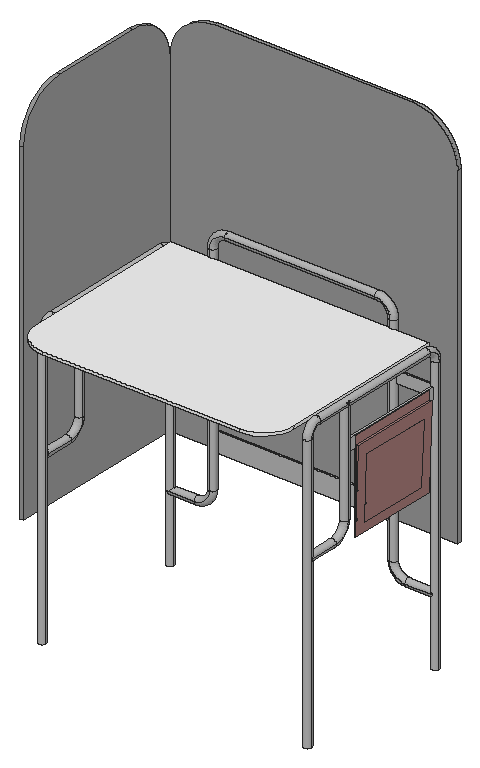
Revit family "Furniture_Table_REUNION 1286", category Furniture, Revit 2019
Family settings
  OmniClass Number = 23.21.23.15.17
  Work Plane-Based = Yes
  Always vertical = No
  Cut with Voids When Loaded = No
  Shared = No
  Room Calculation Point = No
Parameters (values of type "REUNION 1286")
  Youtube clip = ""
  Uniformat II Description = "Movable Furnishings"
  Uniformat II Code = ""
  Uniclass 2015 Name = ""
  Uniclass 2015 Code = ""
  Uniclass 2.0 Description = ""
  Uniclass 2.0 Code = ""
  Uniclass 1.4 Description = ""
  Uniclass 1.4 Code = ""
  UNSPSC Code = ""
  Top Material = Plastic - NCS S0502-B Traffic White
  Technical description = ""
  Frame Material = Steel, Paint Finish, Grey
  Region South America = "All"
  Region Oceania = "All"
  Region North America = "All"
  Region Middle East = "All"
  Region Europe = "All"
  Region Asia = "All"
  Region Antarctica = "All"
  Region Africa = "All"
  QR code = "https://www.sandlerseating.com/product/reunion-1286/"
  Product url = "https://www.sandlerseating.com/product/reunion-1286/"
  Product name = "REUNION 1286"
  Product group = "Table"
  Product family = "Furniture"
  Product data url = "https://www.sandlerseating.com/product/reunion-1286/"
  Product certification = ""
  Product SKU = "??"
  Product Guid = "??"
  OmniClass Description = ""
  OmniClass Code = "23-21 23 15 17"
  NBS Reference Description = ""
  NBS Reference Code = ""
  Model = "REUNION 1286"
  Masterformat 2014 Description = "Table Mats"
  Masterformat 2014 Code = "12 48 43.13"
  Manufacturer name = "Sandler"
  Manufacturer country = "USA"
  Manufacturer = "Sandler"
  Installation instructions = ""
  IFC Classification = "Furnishing Element"
  GTIN code = ""
  Edition number = 1
  Divider Material = Leather - Brilliant White
  Design country = "Brasil"
  Description = "Table"
  Default Elevation = 0.000 mm
  Date of publishing = ""
  COBIe Type Category = ""
  Brand url = "https://www.sandlerseating.com/"
  BIMobject main category code = "furniture"
  BIMobject main category = "Furniture"
  BIMobject category code = "furniture-table"
  BIMobject category = "Table"
Reference planes
  plane 1 "Center Front/Back": y = 0
  plane 2: z = 0
  plane 3 "Center Left/Right": x = 0
  plane 4: x = -450
  plane 5: x = 450
  plane 6: y = 340
  plane 7: y = -340
  plane 8: y = 200
  plane 9: y = -98
  plane 10: x = -437.5
  plane 11: z = 1155
  plane 12: y = -327.5
  plane 13: z = 960
  plane 14: z = 1035
  plane 15: x = -500
  plane 16: x = 500
  plane 17: z = 1635
  plane 18: y = -352
  plane 19: z = 1165
Forms (mm)
  Sweep 1, solid, material "Steel, Paint Finish, Grey" <- "Frame Material"
    path origin (0, 0, 0) x (0, -1, 0) y (0, 0, 1)
      loop
        line (200, 0) -> (200, 910)
        arc (200, 910) -> (189.017, 936.517) -> (162.5, 947.5) r 37.5
        line (162.5, 947.5) -> (-290, 947.5)
        arc (-290, 947.5) -> (-316.517, 936.517) -> (-327.5, 910) r 37.5
        line (-327.5, 910) -> (-327.5, 0)
    profile origin (0, -200, 455) x (0, 1, 0) y (-1, 0, 0)
      loop
        circle (0, -437.5) r 12.5
  Sweep 2, solid, material "Steel, Paint Finish, Grey" <- "Frame Material"
    path origin (0, 0, 0) x (0, -1, 0) y (0, 0, -1)
      loop
        line (200, 0) -> (200, -910)
        arc (200, -910) -> (189.017, -936.517) -> (162.5, -947.5) r 37.5
        line (162.5, -947.5) -> (-290, -947.5)
        arc (-290, -947.5) -> (-316.517, -936.517) -> (-327.5, -910) r 37.5
        line (-327.5, -910) -> (-327.5, 0)
    profile origin (0, -200, 455) x (0, -1, 0) y (1, 0, 0)
      loop
        circle (0, -437.5) r 12.5
  Sweep 3, solid, material "Steel, Paint Finish, Grey" <- "Frame Material"
    path origin (437.5, -47.562, -80) x (0, -1, 0) y (0, 0, 1)
      loop
        line (152.438, 634.164) -> (50, 634.164)
        arc (50, 634.164) -> (14.645, 648.809) -> (0, 684.164) r 50
        line (0, 684.164) -> (0, 1034.164)
    profile origin (437.5, -148.781, 554.164) x (0, 0, -1) y (-1, 0, 0)
      loop
        circle (0, 0) r 12.5
  Sweep 4, solid, material "Steel, Paint Finish, Grey" <- "Frame Material"
    path origin (-437.5, -47.562, -80) x (0, -1, 0) y (0, 0, -1)
      loop
        line (140, -634.164) -> (50, -634.164)
        arc (50, -634.164) -> (14.645, -648.809) -> (0, -684.164) r 50
        line (0, -684.164) -> (0, -1034.164)
    profile origin (-437.5, -142.562, 554.164) x (0, 0, 1) y (1, 0, 0)
      loop
        circle (0, 0) r 12.5
  Sweep 5, solid, material "Steel, Paint Finish, Grey" <- "Frame Material"
    path origin (0, 0, 0) x (-1, 0, 0) y (0, 0, 1)
      loop
        line (-437.5, 220) -> (-347.5, 220)
        arc (-347.5, 220) -> (-312.145, 234.645) -> (-297.5, 270) r 50
        line (-297.5, 270) -> (-297.5, 985)
        arc (-297.5, 985) -> (-282.855, 1020.355) -> (-247.5, 1035) r 50
        line (-247.5, 1035) -> (247.5, 1035)
        arc (247.5, 1035) -> (282.855, 1020.355) -> (297.5, 985) r 50
        line (297.5, 985) -> (297.5, 270)
        arc (297.5, 270) -> (312.145, 234.645) -> (347.5, 220) r 50
        line (347.5, 220) -> (437.5, 220)
    profile origin (392.5, 0, 220) x (0, 0, 1) y (0, 1, 0)
      loop
        circle (0, 327.5) r 12.5
  Extrusion 6, solid, material "Steel, Paint Finish, Grey" <- "Frame Material"
    sketch origin (0, 0, 40) x (-1, 0, 0) y (0, 0, 1)
      loop
        line (300.287, 343.077) -> (300.287, 408.077) -> (-294.713, 408.077) -> (-294.713, 343.077) -> (300.287, 343.077)
    from 325.508 to 329.327
  Extrusion 7, solid, material "Steel, Paint Finish, Grey" <- "Frame Material"
    sketch origin (0, 0, 745) x (1, 0, 0) y (0, 1, 0)
      loop
        line (435, -45.545) -> (440, -45.545) -> (440, 330) -> (297.5, 330) -> (297.5, 325) -> (435, 325) -> (435, -45.545)
    from 52.672 to 91.374
  Extrusion 8, solid, material "Steel, Paint Finish, Grey" <- "Frame Material"
    sketch origin (0, 0, 825) x (-1, 0, 0) y (0, -1, 0)
      loop
        line (435, 45.545) -> (435, -325) -> (297.5, -325) -> (297.5, -330) -> (440, -330) -> (440, 45.545) -> (435, 45.545)
    from -27.328 to 11.374
  Extrusion 9, solid, material "Plastic - NCS S0502-B Traffic White" <- "Top Material"
    sketch origin (0, 0, 745) x (1, 0, 0) y (0, 1, 0)
      loop
        line (425, 315) -> (-425, 315) -> (-425, -240)
        arc (-425, -240) -> (-395.711, -310.711) -> (-325, -340) r 100
        line (-325, -340) -> (325, -340)
        arc (325, -340) -> (395.711, -310.711) -> (425, -240) r 100
        line (425, -240) -> (425, 315)
    from 205 to 215
  Extrusion 10, solid, material "Leather - Brilliant White" <- "Divider Material"
    sketch origin (0, 0, 0) x (-1, 0, 0) y (0, 0, 1)
      loop
        line (-500, 383.077) -> (450, 383.077) -> (450, 1485)
        arc (450, 1485) -> (406.066, 1591.066) -> (300, 1635) r 150
        line (300, 1635) -> (-350, 1635)
        arc (-350, 1635) -> (-456.066, 1591.066) -> (-500, 1485) r 150
        line (-500, 1485) -> (-500, 383.077)
    from 352 to 340
  Extrusion 11, solid, material "Leather - Brilliant White" <- "Divider Material"
    sketch origin (-12.5, 0, 0) x (0, 1, 0) y (0, 0, 1)
      loop
        arc (340, 1485) -> (296.066, 1591.066) -> (190, 1635) r 150
        line (190, 1635) -> (-110, 1635)
        arc (-110, 1635) -> (-216.066, 1591.066) -> (-260, 1485) r 150
        line (-260, 1485) -> (-260, 383.077) -> (340, 383.077) -> (340, 1485)
    from -450 to -437.5
  Extrusion 12, solid, material "Leather - Sole Brown"
    sketch origin (0, 0, 0) x (0, 1, 0) y (0, 0, 1)
      loop
        line (289.728, 536.374) -> (289.728, 836.374) -> (-10.272, 836.374) -> (-10.272, 536.374) -> (289.728, 536.374)
    from 440 to 444.309
  Extrusion 13, solid, material "Leather - Sole Brown"
    sketch origin (0, 0, 0) x (1, 0, 0) y (0, 0, 1)
      loop
        line (444.309, 536.374) -> (455, 810.463) -> (444.309, 810.463) -> (444.309, 536.374)
    from -289.728 to 10.272
  Extrusion 14, solid, material "Leather - Sole Brown"
    sketch origin (0, 0, 0) x (1, 0, 0) y (0, 0, 1)
      loop
        line (445.57, 568.685) -> (448.572, 568.685) -> (456.507, 772.124) -> (453.505, 772.124) -> (445.57, 568.685)
    from -254.156 to -21.373
Dimensions and locks
  aligned and locked: level to plane 2
